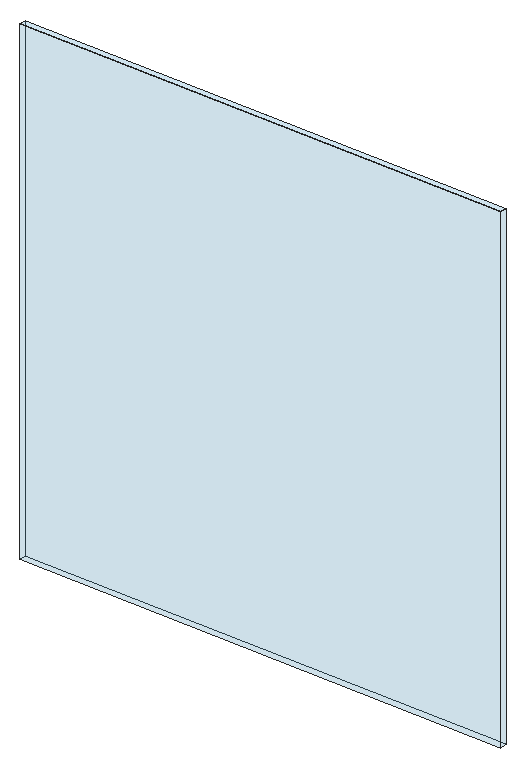
Revit family
Parameters (values of type "72" x 72"")
  Sealant = 0' - 0 3/8"
  Pocket Depth [instance] = 0' - 0 1/2"
  Head Height = Sill Height + Rough Height - Sealant  # 8' - 11 5/8"
  Depth [instance] = 0' - 10"
  Sill Height = 3' - 0"
  Rough Width = 6' - 0"
  Rough Height = 6' - 0"
  Model = "OPG3007"
  Material = ""
  Manufacturer = "Arcadia"
  Sightline = 0' - 3 3/8"
  Height = Rough Height - Sealant - Sealant  # 5' - 11 1/4"
  Wall Closure = (empty or 0)
  Width = Rough Width - Sealant - Sealant  # 5' - 11 1/4"
  Glass Thickness [instance] = 0' - 1"
  Offset to Inside Face of Glass [instance] = 0' - 8 5/16"
  Construction Type = "Aluminum"
  Center of Rough Opening [instance] = Rough Width / 2  # 3' - 0"
  Center of Glass [instance] = Glass Thickness / 2  # 0' - 0 1/2"
  Center Wall to Outside Face [instance] = 0' - 2 7/8"
  Assembly Code = ""
Reference planes (in)
  plane 1 "Center (Front/Back)": y = 0
  plane 2: z = 0
  plane 3 "Center (Left/Right)": x = 12
  plane 4 "Rough Opening Bottom": z = 36
  plane 5 "Rough Opening Top": z = 108
  plane 6 "Exterior Face": y = -2.75
  plane 7 "Frame Top": z = 104.625
  plane 8 "Frame Bottom": z = 39.375
  plane 9 "Rough Opening Left": x = -24
  plane 10 "Rough Opening Right": x = 48
  plane 11 "Frame Left": x = -20.625
  plane 12 "Frame Right": x = 44.625
  plane 13 "Exterior Glass Edge": y = -3.76356
  plane 14 "Interior Glass Edge": y = -4.76356
  plane 15 "Glass Centerline": y = -4.26356
  plane 16 "Frame Outside": y = -3.07606
  plane 17 "Frame Inside": y = -13.07606
  plane 18: z = 105.125
  plane 19: z = 38.875
  plane 20: x = 45.125
  plane 21: x = -21.125
  plane 22: x = 47.625
  plane 23: x = -23.625
  plane 24: z = 107.625
  plane 25: z = 36.375
Forms (in)
  Extrusion 1, solid, material "Anodize Arcadia AC2 Clear #11", detail levels coarse
    sketch origin (0, 0, 36) x (0, -1, 0) y (1, 0, 0)
      loop
        line (3.07606, -24) -> (13.07606, -24) -> (13.07606, -20.625) -> (4.76356, -20.625) -> (4.76356, -21.125) -> (3.76356, -21.125) -> (3.76356, -20.625) -> (3.07606, -20.625) -> (3.07606, -24)
    from 0 to 72 <- "Rough Height"
  Extrusion 2, solid, material "Anodize Arcadia AC2 Clear #11", detail levels coarse
    sketch origin (0, 0, 36) x (0, -1, 0) y (1, 0, 0)
      loop
        line (3.07606, 44.625) -> (3.76356, 44.625) -> (3.76356, 45.125) -> (4.76356, 45.125) -> (4.76356, 44.625) -> (13.07606, 44.625) -> (13.07606, 48) -> (3.07606, 48) -> (3.07606, 44.625)
    from 0 to 72 <- "Rough Height"
  Extrusion 3, solid, material "Glass"
    sketch origin (-0.5, 0, 36) x (0, -1, 0) y (1, 0, 0)
      loop
        line (3.76356, -20.625) -> (4.76356, -20.625) -> (4.76356, 45.625) -> (3.76356, 45.625) -> (3.76356, -20.625)
    from 2.875 to 69.125
  Extrusion 4, solid, material "Anodize Arcadia AC2 Clear #11", detail levels coarse
    sketch origin (-24, 0, 0) x (0, 1, 0) y (0, 0, 1)
      loop
        line (-13.07606, 108) -> (-13.07606, 104.625) -> (-4.76356, 104.625) -> (-4.76356, 105.125) -> (-3.76356, 105.125) -> (-3.76356, 104.625) -> (-3.07606, 104.625) -> (-3.07606, 108) -> (-13.07606, 108)
    from 0 to 72 <- "Rough Width"
  Extrusion 5, solid, material "Anodize Arcadia AC2 Clear #11", detail levels coarse
    sketch origin (-24, 0, 0) x (0, 1, 0) y (0, 0, 1)
      loop
        line (-3.07606, 39.375) -> (-3.76356, 39.375) -> (-3.76356, 38.875) -> (-4.76356, 38.875) -> (-4.76356, 39.375) -> (-13.07606, 39.375) -> (-13.07606, 36) -> (-3.07606, 36) -> (-3.07606, 39.375)
    from 0 to 72 <- "Rough Width"
  Extrusion 6, void
    sketch origin (0, 0, 36) x (0, -1, 0) y (1, 0, 0)
      loop
        line (2.75, -24) -> (10.75, -24) -> (10.75, 48) -> (2.75, 48) -> (2.75, -24)
    from 0 to 72 <- "Rough Height"
Lines and regions (in)
  symbolic lines, detail levels coarse
    curve 1: line (-24, -3.07606, 0) -> (-20.625, -3.07606, 0)
    curve 2: line (-20.625, -3.07606, 0) -> (-20.625, -3.76356, 0)
    curve 3: line (45.125, -3.76356, 0) -> (-21.125, -3.76356, 0)
    curve 4: line (-21.125, -3.76356, 0) -> (-21.125, -4.76356, 0)
    curve 5: line (-21.125, -4.76356, 0) -> (45.125, -4.76356, 0)
    curve 6: line (-20.625, -4.76356, 0) -> (-20.625, -13.07606, 0)
    curve 7: line (-20.625, -13.07606, 0) -> (-24, -13.07606, 0)
    curve 8: line (-24, -13.07606, 0) -> (-24, -3.07606, 0)
    curve 9: line (48, -3.07606, 0) -> (44.625, -3.07606, 0)
    curve 10: line (44.625, -3.07606, 0) -> (44.625, -3.76356, 0)
    curve 11: line (45.125, -3.76356, 0) -> (45.125, -4.76356, 0)
    curve 12: line (44.625, -4.76356, 0) -> (44.625, -13.07606, 0)
    curve 13: line (44.625, -13.07606, 0) -> (48, -13.07606, 0)
    curve 14: line (48, -13.07606, 0) -> (48, -3.07606, 0)
Text (in)
  text "EXTERIOR" at (-58.6888, 50.90694, 0), in view "Ref. Level"
  text "INTERIOR" at (-58.6888, -37.76638, 0), in view "Ref. Level"
  text "Exterior" at (0, 43.65631, 123.19604), in view "Left"
  text "Exterior" at (0, 18.29385, 125.04747), in view "Right"
Dimensions and locks (in)
  "Rough Height": plane 4 "Rough Opening Bottom" to plane 5 "Rough Opening Top"
  "Sill Height": plane 2 to plane 4 "Rough Opening Bottom"
  "Sightline": plane 7 "Frame Top" to plane 5 "Rough Opening Top"
  "Sightline": plane 4 "Rough Opening Bottom" to plane 8 "Frame Bottom"
  "Rough Width": plane 9 "Rough Opening Left" to plane 10 "Rough Opening Right"
  "Sightline": plane 9 "Rough Opening Left" to plane 11 "Frame Left"
  "Sightline": plane 12 "Frame Right" to plane 10 "Rough Opening Right"
  "Depth": plane 17 "Frame Inside" to plane 16 "Frame Outside"
  "Glass Thickness": plane 13 "Exterior Glass Edge" to plane 14 "Interior Glass Edge"
  "Center of Glass": plane 15 "Glass Centerline" to plane 14 "Interior Glass Edge"
  "Center of Rough Opening": plane 9 "Rough Opening Left" to plane 3 "Center (Left/Right)"
  "Offset to Inside Face of Glass": plane 17 "Frame Inside" to plane 14 "Interior Glass Edge"
  "Pocket Depth": plane 12 "Frame Right" to plane 20
  "Pocket Depth": plane 21 to plane 11 "Frame Left"
  "Pocket Depth": plane 7 "Frame Top" to plane 18
  "Pocket Depth": plane 19 to plane 8 "Frame Bottom"
  "Sealant": plane 22 to plane 10 "Rough Opening Right"
  "Sealant": plane 9 "Rough Opening Left" to plane 23
  "Sealant": plane 4 "Rough Opening Bottom" to plane 25
  "Sealant": plane 24 to plane 5 "Rough Opening Top"
  aligned and locked: plane 6 "Exterior Face" to host wall
  aligned and locked: Extrusion 1 sketch curve to plane 17 "Frame Inside"
  aligned and locked: plane 16 "Frame Outside" to Extrusion 1 sketch curve
  aligned and locked: Extrusion 1 sketch curve to plane 11 "Frame Left"
  aligned and locked: plane 9 "Rough Opening Left" to Extrusion 1 sketch curve
  aligned and locked: plane 12 "Frame Right" to Extrusion 2 sketch curve
  aligned and locked: Extrusion 2 sketch curve to plane 10 "Rough Opening Right"
  aligned and locked: Extrusion 2 sketch curve to plane 17 "Frame Inside"
  aligned and locked: plane 16 "Frame Outside" to Extrusion 2 sketch curve
  aligned and locked: Extrusion 3 sketch curve to plane 13 "Exterior Glass Edge"
  aligned and locked: plane 14 "Interior Glass Edge" to Extrusion 3 sketch curve
  aligned and locked: plane 5 "Rough Opening Top" to Extrusion 4 sketch curve
  aligned and locked: Extrusion 4 sketch curve to plane 7 "Frame Top"
  aligned and locked: Extrusion 4 sketch curve to plane 17 "Frame Inside"
  aligned and locked: plane 16 "Frame Outside" to Extrusion 4 sketch curve
  aligned and locked: Extrusion 5 sketch curve to plane 4 "Rough Opening Bottom"
  aligned and locked: plane 8 "Frame Bottom" to Extrusion 5 sketch curve
  aligned and locked: Extrusion 5 sketch curve to plane 17 "Frame Inside"
  aligned and locked: plane 16 "Frame Outside" to Extrusion 5 sketch curve
  aligned and locked: plane 4 "Rough Opening Bottom" to nested 3
  aligned and locked: nested 2 to plane 5 "Rough Opening Top"
  aligned and locked: plane 19 to Extrusion 3
  aligned and locked: Extrusion 3 to plane 18
  aligned and locked: plane 17 "Frame Inside" to nested 3
  aligned and locked: nested 1 to plane 16 "Frame Outside"
  aligned and locked: plane 10 "Rough Opening Right" to nested 1
  aligned and locked: nested 4 to plane 9 "Rough Opening Left"
  aligned and locked: plane 17 "Frame Inside" to nested 4
  aligned and locked: plane 13 "Exterior Glass Edge" to Extrusion 5 sketch curve
  aligned and locked: Extrusion 5 sketch curve to plane 14 "Interior Glass Edge"
  aligned and locked: plane 19 to Extrusion 5 sketch curve
  aligned and locked: Extrusion 4 sketch curve to plane 13 "Exterior Glass Edge"
  aligned and locked: plane 18 to Extrusion 4 sketch curve
  aligned and locked: plane 14 "Interior Glass Edge" to Extrusion 4 sketch curve
  aligned and locked: plane 14 "Interior Glass Edge" to Extrusion 2 sketch curve
  aligned and locked: Extrusion 2 sketch curve to plane 20
  aligned and locked: Extrusion 2 sketch curve to plane 13 "Exterior Glass Edge"
  aligned and locked: Extrusion 1 sketch curve to plane 14 "Interior Glass Edge"
  aligned and locked: Extrusion 1 sketch curve to plane 21
  aligned and locked: plane 13 "Exterior Glass Edge" to Extrusion 1 sketch curve
  aligned and locked: plane 16 "Frame Outside" to curve 1
  aligned and locked: plane 9 "Rough Opening Left" to curve 8
  aligned and locked: curve 2 to plane 11 "Frame Left"
  aligned and locked: curve 6 to plane 11 "Frame Left"
  aligned and locked: curve 4 to plane 21
  aligned and locked: curve 7 to plane 17 "Frame Inside"
  aligned and locked: curve 5 to plane 14 "Interior Glass Edge"
  aligned and locked: plane 13 "Exterior Glass Edge" to curve 3
  aligned and locked: curve 10 to plane 12 "Frame Right"
  aligned and locked: curve 12 to plane 12 "Frame Right"
  aligned and locked: curve 11 to plane 20
  aligned and locked: plane 10 "Rough Opening Right" to curve 14
  aligned and locked: curve 9 to plane 16 "Frame Outside"
  aligned and locked: plane 17 "Frame Inside" to curve 13
  aligned and locked: nested 2 to plane 16 "Frame Outside"
  aligned and locked: import instance to plane 16 "Frame Outside"
  aligned and locked: import instance to plane 9 "Rough Opening Left"
  aligned and locked: plane 16 "Frame Outside" to import instance
  aligned and locked: import instance to plane 10 "Rough Opening Right"
  aligned and locked: import instance to plane 17 "Frame Inside"  (x2)
  aligned and locked: plane 5 "Rough Opening Top" to import instance
  aligned and locked: import instance to plane 4 "Rough Opening Bottom"
  aligned and locked: level to plane 2
  aligned and locked: plane 9 "Rough Opening Left" to Extrusion 6 sketch curve
  aligned and locked: plane 6 "Exterior Face" to Extrusion 6 sketch curve
  aligned and locked: host wall to Extrusion 6 sketch curve
  aligned and locked: plane 10 "Rough Opening Right" to Extrusion 6 sketch curve
Automatic sketch dimensions
  Extrusion 3 sketch curve to plane 21 = 0' - 0"
  Extrusion 3 sketch curve to plane 20 = 0' - 0"
  Extrusion 5 sketch curve to plane 8 "Frame Bottom" = 0' - 0"
  Extrusion 4 sketch curve to plane 7 "Frame Top" = 0' - 0"
  Extrusion 2 sketch curve to plane 12 "Frame Right" = 0' - 0"
  Extrusion 1 sketch curve to plane 11 "Frame Left" = 0' - 0"
Nested families (in)
  nested 1: "Window-Arcadia-OPG3010-Med-Jamb-R" at (46.9375, -4.26356, 0) x (-1, 0, 0) z (0, 0, 1), type "Window-Arcadia-OPG3010-Med-Jamb-R", detail levels medium
    with Sightline 0' - 3 3/8", Pocket Depth 0' - 0 1/2", Offset to Inside Face of Glass 0' - 8 5/16", Glass Width 0' - 1", Frame Wall Thickness 0' - 0 3/32", Depth 0' - 10", Center of Glass 0' - 0 1/2"
  nested 2: "Window-Arcadia-OPG3010-Med-Head" at (33.875, -4.26356, 108) x (0, -1, 0) z (1, 0, 0), type "Window-Arcadia-OPG3010-Med-Head", detail levels medium
    with Sightline 0' - 3 3/8", Pocket Depth 0' - 0 1/2", Offset to Inside Face of Glass 0' - 8 5/16", Glass Width 0' - 1", Frame Wall Thickness 0' - 0 3/32", Depth 0' - 10", Center of Glass 0' - 0 1/2"
  nested 3: "Window-Arcadia-OPG3010-Med-Sill" at (33.875, -4.26356, 36) x (0, -1, 0) z (1, 0, 0), type "Window-Arcadia-OPG3010-Med-Sill", detail levels medium
    with Sightline 0' - 3 3/8", Pocket Depth 0' - 0 1/2", Offset to Inside Face of Glass 0' - 8 5/16", Glass Width 0' - 1", Frame Wall Thickness 0' - 0 3/32", Depth 0' - 10", Center of Glass 0' - 0 1/2"
  nested 4: "Window-Arcadia-OPG3010-Med-Jamb-L" at (-22.9375, -4.26356, 0) x (-1, 0, 0) z (0, 0, 1), type "Window-Arcadia-OPG3010-Med-Jamb-L", detail levels medium
    with Sightline 0' - 3 3/8", Pocket Depth 0' - 0 1/2", Offset to Inside Face of Glass 0' - 8 5/16", Glass Width 0' - 1", Frame Wall Thickness 0' - 0 3/32", Depth 0' - 10", Center of Glass 0' - 0 1/2"
Definition of nested family "Window-Arcadia-OPG3010-Med-Jamb-R"
  Parameters (values of type "Window-Arcadia-TC670-Med-Jamb-R")
    Depth [instance] = 0' - 6"
    Pocket Depth [instance] = 0' - 0 3/4"
    Offset to Inside Face of Glass [instance] = 0' - 4"
    Glass Width [instance] = 0' - 1"
    Sightline [instance] = 0' - 2 5/8"
    Center of Glass [instance] = Glass Width / 2  # 0' - 0 1/2"
    Frame Wall Thickness [instance] = 0' - 0 3/32"
    Assembly Code = ""
  Reference planes (in)
    plane 1 "Center (Front/Back)": y = 0
    plane 2: z = 0
    plane 3: x = 1.5625
    plane 4 "back": x = -1.0625
    plane 5: y = 4.5
    plane 6: y = -1.5
    plane 7 "Inside Face of Glass": y = 0.5
    plane 8: y = -0.5
    plane 9: x = 0.8125
  Lines and regions (in)
    detail lines, in view "Ref. Level", detail levels medium
      curve 1: line (-1.0625, 4.5, 0) -> (-1.0625, -1.5, 0)
      curve 2: line (-1.0625, -1.5, 0) -> (1.5625, -1.5, 0)
      curve 3: line (1.5625, -1.5, 0) -> (1.5625, -0.5, 0)
      curve 4: line (1.5625, -0.5, 0) -> (0.8125, -0.5, 0)
      curve 5: line (0.8125, -0.5, 0) -> (0.8125, 0.5, 0)
      curve 6: line (0.8125, 0.5, 0) -> (1.5625, 0.5, 0)
      curve 7: line (1.5625, 0.5, 0) -> (1.5625, 4.5, 0)
      curve 8: line (1.5625, 4.5, 0) -> (-1.0625, 4.5, 0)
      curve 9: line (1.46875, 4.40625, 0) -> (-0.96875, 4.40625, 0)
      curve 10: line (-0.96875, 4.40625, 0) -> (-0.96875, -1.40625, 0)
      curve 11: line (-0.96875, -1.40625, 0) -> (1.46875, -1.40625, 0)
      curve 12: line (1.46875, -1.40625, 0) -> (1.46875, -0.59375, 0)
      curve 13: line (1.46875, -0.59375, 0) -> (0.71875, -0.59375, 0)
      curve 14: line (0.71875, -0.59375, 0) -> (0.71875, 0.59375, 0)
      curve 15: line (0.71875, 0.59375, 0) -> (1.46875, 0.59375, 0)
      curve 16: line (1.46875, 0.59375, 0) -> (1.46875, 4.40625, 0)
      curve 17: line (1.5625, 4.5, 0) -> (-1.0625, 4.5, 0)
      curve 18: line (-1.0625, 4.40625, 0) -> (-1.0625, -1.5, 0)
  Dimensions and locks (in)
    "Sightline": plane 4 "back" to plane 3
    "Depth": plane 5 to plane 6
    "Center of Glass": plane 1 "Center (Front/Back)" to plane 7 "Inside Face of Glass"
    "Glass Width": plane 8 to plane 7 "Inside Face of Glass"
    "Pocket Depth": plane 9 to plane 3
    "Offset to Inside Face of Glass": plane 5 to plane 7 "Inside Face of Glass"
    "Frame Wall Thickness": plane 5 to curve 9
    "Frame Wall Thickness": plane 4 "back" to curve 10
    "Frame Wall Thickness": curve 11 to plane 6
    "Frame Wall Thickness": curve 12 to plane 3
    "Frame Wall Thickness": curve 13 to plane 8
    "Frame Wall Thickness": plane 7 "Inside Face of Glass" to curve 15
    "Frame Wall Thickness": curve 14 to plane 9
    "Frame Wall Thickness": curve 16 to plane 3
    aligned and locked: plane 5 to curve 8
    aligned and locked: curve 1 to plane 4 "back"
    aligned and locked: curve 2 to plane 6
    aligned and locked: plane 3 to curve 3
    aligned and locked: curve 4 to plane 8
    aligned and locked: plane 9 to curve 5
    aligned and locked: plane 7 "Inside Face of Glass" to curve 6
    aligned and locked: plane 3 to curve 7
  Automatic sketch dimensions
    curve 18 to curve 9 = 0' - 0"
Definition of nested family "Window-Arcadia-OPG3010-Med-Head"
  Parameters (values of type "Window-Arcadia-A400-Med-Head")
    Depth [instance] = 0' - 6"
    Pocket Depth [instance] = 0' - 0 1/2"
    Offset to Inside Face of Glass [instance] = 0' - 4"
    Glass Width [instance] = 0' - 1"
    Sightline [instance] = 0' - 2 5/8"
    Center of Glass [instance] = Glass Width / 2  # 0' - 0 1/2"
    Frame Wall Thickness [instance] = 0' - 0 3/32"
    Assembly Code = ""
  Reference planes (in)
    plane 1 "Center (Front/Back)": y = 0
    plane 2: z = 0
    plane 3 "Center (Left/Right)": x = 0
    plane 4: x = -0.5
    plane 5 "Inside Face of Glass": x = 0.5
    plane 6: y = -2.625
    plane 7: x = 4.5
    plane 8: x = -1.5
    plane 9: y = -2.125
  Lines and regions (in)
    detail lines, in view "Ref. Level", detail levels medium
      curve 1: line (-1.5, 0, 0) -> (-1.5, -2.625, 0)
      curve 2: line (-1.5, -2.625, 0) -> (-0.5, -2.625, 0)
      curve 3: line (-0.5, -2.625, 0) -> (-0.5, -2.125, 0)
      curve 4: line (-0.5, -2.125, 0) -> (0.5, -2.125, 0)
      curve 5: line (0.5, -2.125, 0) -> (0.5, -2.625, 0)
      curve 6: line (0.5, -2.625, 0) -> (4.5, -2.625, 0)
      curve 7: line (4.5, -2.625, 0) -> (4.5, 0, 0)
      curve 8: line (4.5, 0, 0) -> (-1.5, 0, 0)
      curve 9: line (-1.40625, -0.09375, 0) -> (-1.40625, -2.53125, 0)
      curve 10: line (4.40625, -0.09375, 0) -> (-1.40625, -0.09375, 0)
      curve 11: line (4.40625, -2.53125, 0) -> (4.40625, -0.09375, 0)
      curve 12: line (0.59375, -2.53125, 0) -> (4.40625, -2.53125, 0)
      curve 13: line (-1.40625, -2.53125, 0) -> (-0.59375, -2.53125, 0)
      curve 14: line (-0.59375, -2.53125, 0) -> (-0.59375, -2.03125, 0)
      curve 15: line (-0.59375, -2.03125, 0) -> (0.59375, -2.03125, 0)
      curve 16: line (0.59375, -2.03125, 0) -> (0.59375, -2.53125, 0)
  Dimensions and locks (in)
    "Sightline": plane 6 to plane 1 "Center (Front/Back)"
    "Depth": plane 8 to plane 7
    "Pocket Depth": plane 6 to plane 9
    "Offset to Inside Face of Glass": plane 5 "Inside Face of Glass" to plane 7
    "Glass Width": plane 4 to plane 5 "Inside Face of Glass"
    "Center of Glass": plane 3 "Center (Left/Right)" to plane 5 "Inside Face of Glass"
    "Frame Wall Thickness": plane 8 to curve 9
    "Frame Wall Thickness": curve 10 to plane 1 "Center (Front/Back)"
    "Frame Wall Thickness": curve 11 to plane 7
    "Frame Wall Thickness": plane 6 to curve 12
    "Frame Wall Thickness": plane 6 to curve 13
    "Frame Wall Thickness": plane 9 to curve 15
    "Frame Wall Thickness": plane 5 "Inside Face of Glass" to curve 16
    "Frame Wall Thickness": curve 14 to plane 4
    aligned and locked: curve 8 to plane 1 "Center (Front/Back)"
    aligned and locked: plane 7 to curve 7
    aligned and locked: curve 1 to plane 8
    aligned and locked: plane 9 to curve 4
    aligned and locked: plane 4 to curve 3
    aligned and locked: plane 6 to curve 2
    aligned and locked: plane 6 to curve 6
  Automatic sketch dimensions
    curve 5 to plane 5 "Inside Face of Glass" = 0' - 0"
Definition of nested family "Window-Arcadia-OPG3010-Med-Sill"
  Parameters (values of type "Window-Arcadia-A400-Med-Sill")
    Depth [instance] = 0' - 6"
    Pocket Depth [instance] = 0' - 0 1/2"
    Offset to Inside Face of Glass [instance] = 0' - 4"
    Glass Width [instance] = 0' - 1"
    Sightline [instance] = 0' - 2 5/8"
    Center of Glass [instance] = Glass Width / 2  # 0' - 0 1/2"
    Frame Wall Thickness [instance] = 0' - 0 3/32"
    Assembly Code = ""
  Reference planes (in)
    plane 1 "Center (Front/Back)": y = 0
    plane 2: z = 0
    plane 3 "Center (Left/Right)": x = 0
    plane 4: x = -0.5
    plane 5 "Inside Face of Glass": x = 0.5
    plane 6: y = 2.625
    plane 7: x = 4.5
    plane 8: x = -1.5
    plane 9: y = 2.125
  Lines and regions (in)
    detail lines, in view "Ref. Level", detail levels medium
      curve 1: line (-1.5, 2.625, 0) -> (-1.5, 0, 0)
      curve 2: line (-1.5, 0, 0) -> (4.5, 0, 0)
      curve 3: line (4.5, 0, 0) -> (4.5, 2.625, 0)
      curve 4: line (4.5, 2.625, 0) -> (0.5, 2.625, 0)
      curve 5: line (0.5, 2.625, 0) -> (0.5, 2.125, 0)
      curve 6: line (0.5, 2.125, 0) -> (-0.5, 2.125, 0)
      curve 7: line (-0.5, 2.125, 0) -> (-0.5, 2.625, 0)
      curve 8: line (-0.5, 2.625, 0) -> (-1.5, 2.625, 0)
      curve 9: line (-0.59375, 2.53125, 0) -> (-1.40625, 2.53125, 0)
      curve 10: line (-1.40625, 2.53125, 0) -> (-1.40625, 0.09375, 0)
      curve 11: line (-1.40625, 0.09375, 0) -> (4.40625, 0.09375, 0)
      curve 12: line (4.40625, 0.09375, 0) -> (4.40625, 2.53125, 0)
      curve 13: line (4.40625, 2.53125, 0) -> (0.59375, 2.53125, 0)
      curve 14: line (0.59375, 2.53125, 0) -> (0.59375, 2.03125, 0)
      curve 15: line (0.59375, 2.03125, 0) -> (-0.59375, 2.03125, 0)
      curve 16: line (-0.59375, 2.03125, 0) -> (-0.59375, 2.53125, 0)
  Dimensions and locks (in)
    "Pocket Depth": plane 9 to plane 6
    "Sightline": plane 1 "Center (Front/Back)" to plane 6
    "Depth": plane 8 to plane 7
    "Offset to Inside Face of Glass": plane 5 "Inside Face of Glass" to plane 7
    "Glass Width": plane 4 to plane 5 "Inside Face of Glass"
    "Center of Glass": plane 3 "Center (Left/Right)" to plane 5 "Inside Face of Glass"
    "Frame Wall Thickness": curve 9 to plane 6
    "Frame Wall Thickness": plane 8 to curve 10
    "Frame Wall Thickness": plane 1 "Center (Front/Back)" to curve 11
    "Frame Wall Thickness": curve 12 to plane 7
    "Frame Wall Thickness": curve 13 to plane 6
    "Frame Wall Thickness": plane 5 "Inside Face of Glass" to curve 14
    "Frame Wall Thickness": curve 15 to plane 9
    "Frame Wall Thickness": curve 16 to plane 4
    aligned and locked: plane 1 "Center (Front/Back)" to curve 2
    aligned and locked: plane 7 to curve 3
    aligned and locked: curve 1 to plane 8
    aligned and locked: curve 8 to plane 6
    aligned and locked: curve 4 to plane 6
    aligned and locked: curve 6 to plane 9
    aligned and locked: curve 5 to plane 5 "Inside Face of Glass"
    aligned and locked: plane 4 to curve 7
  Automatic sketch dimensions
    curve 7 to plane 9 = 0' - 0"
Definition of nested family "Window-Arcadia-OPG3010-Med-Jamb-L"
  Parameters (values of type "Window-Arcadia-TC670-Med-Jamb-L")
    Depth [instance] = 0' - 6"
    Pocket Depth [instance] = 0' - 0 1/2"
    Offset to Inside Face of Glass [instance] = 0' - 4"
    Glass Width [instance] = 0' - 1"
    Sightline [instance] = 0' - 2 1/8"
    Center of Glass [instance] = Glass Width / 2  # 0' - 0 1/2"
    Frame Wall Thickness [instance] = 0' - 0 3/32"
    Assembly Code = ""
  Reference planes (in)
    plane 1 "Center (Front/Back)": y = 0
    plane 2: z = 0
    plane 3 "BACK": x = 1.0625
    plane 4 "FRONT": x = -1.0625
    plane 5: y = 1.5
    plane 6: y = -4.5
    plane 7 "Inside Face of Glass": y = 0.5
    plane 8: y = -0.5
    plane 9: x = -0.5625
  Lines and regions (in)
    detail lines, in view "Ref. Level", detail levels medium
      curve 1: line (1.0625, 1.5, 0) -> (1.0625, -4.5, 0)
      curve 2: line (1.0625, -4.5, 0) -> (-1.0625, -4.5, 0)
      curve 3: line (-1.0625, -4.5, 0) -> (-1.0625, -0.5, 0)
      curve 4: line (-1.0625, -0.5, 0) -> (-0.5625, -0.5, 0)
      curve 5: line (-0.5625, -0.5, 0) -> (-0.5625, 0.5, 0)
      curve 6: line (-0.5625, 0.5, 0) -> (-1.0625, 0.5, 0)
      curve 7: line (-1.0625, 0.5, 0) -> (-1.0625, 1.5, 0)
      curve 8: line (-1.0625, 1.5, 0) -> (1.0625, 1.5, 0)
      curve 9: line (-0.96875, 1.40625, 0) -> (0.96875, 1.40625, 0)
      curve 10: line (-0.96875, 0.59375, 0) -> (-0.96875, 1.40625, 0)
      curve 11: line (-0.46875, 0.59375, 0) -> (-0.96875, 0.59375, 0)
      curve 12: line (-0.46875, -0.59375, 0) -> (-0.46875, 0.59375, 0)
      curve 13: line (-0.96875, -0.59375, 0) -> (-0.46875, -0.59375, 0)
      curve 14: line (-0.96875, -4.40625, 0) -> (-0.96875, -0.59375, 0)
      curve 15: line (0.96875, -4.40625, 0) -> (-0.96875, -4.40625, 0)
      curve 16: line (0.96875, 1.40625, 0) -> (0.96875, -4.40625, 0)
  Dimensions and locks (in)
    "Depth": plane 5 to plane 6
    "Pocket Depth": plane 4 "FRONT" to plane 9
    "Sightline": plane 4 "FRONT" to plane 3 "BACK"
    "Glass Width": plane 8 to plane 7 "Inside Face of Glass"
    "Center of Glass": plane 1 "Center (Front/Back)" to plane 7 "Inside Face of Glass"
    "Frame Wall Thickness": plane 4 "FRONT" to curve 10
    "Frame Wall Thickness": plane 5 to curve 9
    "Frame Wall Thickness": curve 15 to plane 6
    "Frame Wall Thickness": curve 13 to plane 8
    "Frame Wall Thickness": plane 9 to curve 12
    "Frame Wall Thickness": plane 7 "Inside Face of Glass" to curve 11
    "Frame Wall Thickness": plane 4 "FRONT" to curve 14
    "Offset to Inside Face of Glass": plane 6 to plane 8
    aligned and locked: curve 8 to plane 5
    aligned and locked: curve 1 to plane 3 "BACK"
    aligned and locked: plane 6 to curve 2
    aligned and locked: curve 3 to plane 4 "FRONT"
    aligned and locked: plane 8 to curve 4
    aligned and locked: plane 9 to curve 5
    aligned and locked: curve 6 to plane 7 "Inside Face of Glass"
    aligned and locked: plane 4 "FRONT" to curve 7
  Automatic sketch dimensions
    curve 16 to plane 3 "BACK" = 0' - 0 3/32"
